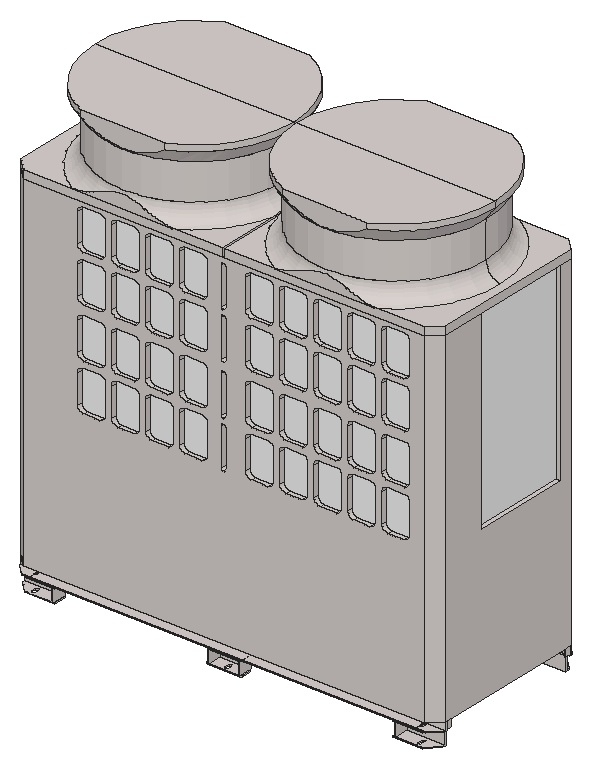
Revit family "PUHY-EM500YNW-A1", category 機械設備, Revit 2016
Family settings
  パーツ タイプ = 標準
  丸型コネクタ寸法 = 半径を使用
  OmniClass 番号 = 23.75.00.00
  OmniClass タイトル = Climate Control (HVAC)
  作業面に基づく = いいえ
  常に垂直 = はい
  ロード時にボイドで切り取り = いいえ
  共有 = いいえ
  部屋の計算ポイント = いいえ
Parameters (values of type "PUHY-EM500YNW-A1_380V_50Hz")
  Unit Weight (kg) = 338
  Temp. range of heating (Outdoor temp.) (W.B.) = "-20.0 to 15.5"
  Temp. range of heating (Indoor temp.) (D.B.) = "15.0 to 27.0"
  Temp. range of cooling (Outdoor temp.) (D.B.) = "-5.0 to 52.0"
  Temp. range of cooling (Indoor temp.) (W.B.) = "15.0 to 24.0"
  Sound Pressure Level (dB(A)) Heating mode = 66.5
  Sound Pressure Level (dB(A)) Cooling mode = 63.5
  モデル = "PUHY-EM500YNW-A1"
  Width = 1750.000 mm
  WarrantyStart = ""
  Voltage = 380 V
  URL = "http://www.mitsubishielectric.com/"
  製造元 = "Mitsubishi Electric Corporation"
  TagNumber = 0
  Subcategory = "HVAC"
  Space View = yes
  SerialNumber = 0
  ReplacementYear = ""
  Refrigerant type = "R32"
  Refrigerant Charge (kg) = 10.8
  Rated Load Ampacity (A) Heating mode = 28.2
  Rated Load Ampacity (A) Cooling mode = 28.8
  Protection Devices_Inverter circuit (COMP./FAN) = "Over-heat protection, Over-current protection"
  Protection Devices_High pressure (MPa) = "High pressure sensor, High pressure switch at 4.15"
  Phase = 3
  Outdoor unit Breaker size (A) = 60
  Note_1 = "Refrigerant pipe diameters may change depending on the installation condition. Please refer to the installation manual."
  Maximum Circuit Ampacity (A) = 44.4
  Liquid pipe_radius = 7.940 mm
  InstallationDate = ""
  Indoor Unit Total Capacity = "50 to 130% of outdoor unit capacity"
  Indoor Unit Model/Quantity = "W10 to W125/1 to 43"
  Hertz = 50 Hz
  Height = 1858.000 mm
  Heating Power Input (kW) = 16.75
  Heating Current (A) = 28.2
  Heating Capacity (kW) = 63
  Heating COP (kW/kW) = 3.76
  Gas pipe_radius = 14.290 mm
  Fan_Type = "Propeller Fan"
  Fan_Quantity = 2
  Fan Motor Output (kW) = 1.84
  External static pressure (Pa) = 0
  External Finish = "Pre-coated galvanized steel sheets (+powder coating for -BS type) <MUNSELL 5Y 8/1 or similar>"
  Equip_description = ""
  Equip_No. = 0
  Equip_ID = ""
  Description = ""
  Depth = 740.000 mm
  CreatedOn = ""
  CreatedBy = ""
  Cooling Power Input (kW) = 17.07
  Cooling EER (kW/kW) = 3.28
  Cooling Current (A) = 28.8
  Cooling Capacity (kW) = 56
  Compressor_Type = "Inverter scroll hermetic compressor"
  Compressor_Quantity = 1
  Compressor_Lubricant = "MEL46EH"
  Compressor Motor Output (kW) = "12.9"
  Category = ""
  Barcode = ""
  AssetIdentifier = ""
  Airflow Rate (m3/min) = 365
  Airflow Rate (m3/h) = 21900
Reference planes
  plane 1 "Center (Front/Back)": y = 0
  plane 2: z = 0
  plane 3 "Center (Left/Right)": x = 0
  plane 4 "panel_L": x = -875
  plane 5: y = 370
  plane 6 "front": y = -370
  plane 7: x = 875
  plane 8: x = -798
  plane 9: x = 798
  plane 10: x = 850
  plane 11: x = -190
  plane 12: x = -107
  plane 13: y = -185
  plane 14: z = 1858
Forms (mm)
  Extrusion 1, solid, material "Paint_5Y 8/1"
    sketch origin (0, 0, 113) x (-1, 0, 0) y (0, -1, 0)
      loop
        line (825, -370) -> (875, -320) -> (875, 320) -> (825, 370) -> (-825, 370) -> (-875, 320) -> (-875, -320) -> (-825, -370) -> (825, -370)
    from -18 to 1408
  Extrusion 2, void
    sketch origin (802, -370, 113) x (1, 0, 0) y (0, 0, -1)
      loop
        arc (-60.8, -1393.5) -> (-42.557, -1385.943) -> (-35, -1367.7) r 25.8
        line (-35, -1367.7) -> (-35, -1248.5)
        arc (-35, -1248.5) -> (-42.557, -1230.257) -> (-60.8, -1222.7) r 25.8
        line (-60.8, -1222.7) -> (-126, -1222.7)
        arc (-126, -1222.7) -> (-144.243, -1230.257) -> (-151.8, -1248.5) r 25.8
        line (-151.8, -1248.5) -> (-151.8, -1367.7)
        arc (-151.8, -1367.7) -> (-144.243, -1385.943) -> (-126, -1393.5) r 25.8
        line (-126, -1393.5) -> (-60.8, -1393.5)
    from 0 to 20
  Extrusion 3, void
    sketch origin (802, -370, -81) x (1, 0, 0) y (0, 0, -1)
      loop
        arc (-60.8, -1393.5) -> (-42.557, -1385.943) -> (-35, -1367.7) r 25.8
        line (-35, -1367.7) -> (-35, -1248.5)
        arc (-35, -1248.5) -> (-42.557, -1230.257) -> (-60.8, -1222.7) r 25.8
        line (-60.8, -1222.7) -> (-126, -1222.7)
        arc (-126, -1222.7) -> (-144.243, -1230.257) -> (-151.8, -1248.5) r 25.8
        line (-151.8, -1248.5) -> (-151.8, -1367.7)
        arc (-151.8, -1367.7) -> (-144.243, -1385.943) -> (-126, -1393.5) r 25.8
        line (-126, -1393.5) -> (-60.8, -1393.5)
    from 0 to 20
  Extrusion 4, void
    sketch origin (802, -370, -287) x (1, 0, 0) y (0, 0, -1)
      loop
        arc (-60.8, -1393.5) -> (-42.557, -1385.943) -> (-35, -1367.7) r 25.8
        line (-35, -1367.7) -> (-35, -1248.5)
        arc (-35, -1248.5) -> (-42.557, -1230.257) -> (-60.8, -1222.7) r 25.8
        line (-60.8, -1222.7) -> (-126, -1222.7)
        arc (-126, -1222.7) -> (-144.243, -1230.257) -> (-151.8, -1248.5) r 25.8
        line (-151.8, -1248.5) -> (-151.8, -1367.7)
        arc (-151.8, -1367.7) -> (-144.243, -1385.943) -> (-126, -1393.5) r 25.8
        line (-126, -1393.5) -> (-60.8, -1393.5)
    from 0 to 20
  Extrusion 5, void
    sketch origin (802, -370, -481) x (1, 0, 0) y (0, 0, -1)
      loop
        arc (-60.8, -1393.5) -> (-42.557, -1385.943) -> (-35, -1367.7) r 25.8
        line (-35, -1367.7) -> (-35, -1248.5)
        arc (-35, -1248.5) -> (-42.557, -1230.257) -> (-60.8, -1222.7) r 25.8
        line (-60.8, -1222.7) -> (-126, -1222.7)
        arc (-126, -1222.7) -> (-144.243, -1230.257) -> (-151.8, -1248.5) r 25.8
        line (-151.8, -1248.5) -> (-151.8, -1367.7)
        arc (-151.8, -1367.7) -> (-144.243, -1385.943) -> (-126, -1393.5) r 25.8
        line (-126, -1393.5) -> (-60.8, -1393.5)
    from 0 to 20
  Extrusion 6, void
    sketch origin (662, -370, 113) x (1, 0, 0) y (0, 0, -1)
      loop
        arc (-60.8, -1393.5) -> (-42.557, -1385.943) -> (-35, -1367.7) r 25.8
        line (-35, -1367.7) -> (-35, -1248.5)
        arc (-35, -1248.5) -> (-42.557, -1230.257) -> (-60.8, -1222.7) r 25.8
        line (-60.8, -1222.7) -> (-126, -1222.7)
        arc (-126, -1222.7) -> (-144.243, -1230.257) -> (-151.8, -1248.5) r 25.8
        line (-151.8, -1248.5) -> (-151.8, -1367.7)
        arc (-151.8, -1367.7) -> (-144.243, -1385.943) -> (-126, -1393.5) r 25.8
        line (-126, -1393.5) -> (-60.8, -1393.5)
    from 0 to 20
  Extrusion 7, void
    sketch origin (662, -370, -81) x (1, 0, 0) y (0, 0, -1)
      loop
        arc (-60.8, -1393.5) -> (-42.557, -1385.943) -> (-35, -1367.7) r 25.8
        line (-35, -1367.7) -> (-35, -1248.5)
        arc (-35, -1248.5) -> (-42.557, -1230.257) -> (-60.8, -1222.7) r 25.8
        line (-60.8, -1222.7) -> (-126, -1222.7)
        arc (-126, -1222.7) -> (-144.243, -1230.257) -> (-151.8, -1248.5) r 25.8
        line (-151.8, -1248.5) -> (-151.8, -1367.7)
        arc (-151.8, -1367.7) -> (-144.243, -1385.943) -> (-126, -1393.5) r 25.8
        line (-126, -1393.5) -> (-60.8, -1393.5)
    from 0 to 20
  Extrusion 8, void
    sketch origin (662, -370, -287) x (1, 0, 0) y (0, 0, -1)
      loop
        arc (-60.8, -1393.5) -> (-42.557, -1385.943) -> (-35, -1367.7) r 25.8
        line (-35, -1367.7) -> (-35, -1248.5)
        arc (-35, -1248.5) -> (-42.557, -1230.257) -> (-60.8, -1222.7) r 25.8
        line (-60.8, -1222.7) -> (-126, -1222.7)
        arc (-126, -1222.7) -> (-144.243, -1230.257) -> (-151.8, -1248.5) r 25.8
        line (-151.8, -1248.5) -> (-151.8, -1367.7)
        arc (-151.8, -1367.7) -> (-144.243, -1385.943) -> (-126, -1393.5) r 25.8
        line (-126, -1393.5) -> (-60.8, -1393.5)
    from 0 to 20
  Extrusion 9, void
    sketch origin (662, -370, -481) x (1, 0, 0) y (0, 0, -1)
      loop
        arc (-60.8, -1393.5) -> (-42.557, -1385.943) -> (-35, -1367.7) r 25.8
        line (-35, -1367.7) -> (-35, -1248.5)
        arc (-35, -1248.5) -> (-42.557, -1230.257) -> (-60.8, -1222.7) r 25.8
        line (-60.8, -1222.7) -> (-126, -1222.7)
        arc (-126, -1222.7) -> (-144.243, -1230.257) -> (-151.8, -1248.5) r 25.8
        line (-151.8, -1248.5) -> (-151.8, -1367.7)
        arc (-151.8, -1367.7) -> (-144.243, -1385.943) -> (-126, -1393.5) r 25.8
        line (-126, -1393.5) -> (-60.8, -1393.5)
    from 0 to 20
  Extrusion 10, void
    sketch origin (522, -370, 113) x (1, 0, 0) y (0, 0, -1)
      loop
        arc (-60.8, -1393.5) -> (-42.557, -1385.943) -> (-35, -1367.7) r 25.8
        line (-35, -1367.7) -> (-35, -1248.5)
        arc (-35, -1248.5) -> (-42.557, -1230.257) -> (-60.8, -1222.7) r 25.8
        line (-60.8, -1222.7) -> (-126, -1222.7)
        arc (-126, -1222.7) -> (-144.243, -1230.257) -> (-151.8, -1248.5) r 25.8
        line (-151.8, -1248.5) -> (-151.8, -1367.7)
        arc (-151.8, -1367.7) -> (-144.243, -1385.943) -> (-126, -1393.5) r 25.8
        line (-126, -1393.5) -> (-60.8, -1393.5)
    from 0 to 20
  Extrusion 11, void
    sketch origin (522, -370, -81) x (1, 0, 0) y (0, 0, -1)
      loop
        arc (-60.8, -1393.5) -> (-42.557, -1385.943) -> (-35, -1367.7) r 25.8
        line (-35, -1367.7) -> (-35, -1248.5)
        arc (-35, -1248.5) -> (-42.557, -1230.257) -> (-60.8, -1222.7) r 25.8
        line (-60.8, -1222.7) -> (-126, -1222.7)
        arc (-126, -1222.7) -> (-144.243, -1230.257) -> (-151.8, -1248.5) r 25.8
        line (-151.8, -1248.5) -> (-151.8, -1367.7)
        arc (-151.8, -1367.7) -> (-144.243, -1385.943) -> (-126, -1393.5) r 25.8
        line (-126, -1393.5) -> (-60.8, -1393.5)
    from 0 to 20
  Extrusion 12, void
    sketch origin (522, -370, -287) x (1, 0, 0) y (0, 0, -1)
      loop
        arc (-60.8, -1393.5) -> (-42.557, -1385.943) -> (-35, -1367.7) r 25.8
        line (-35, -1367.7) -> (-35, -1248.5)
        arc (-35, -1248.5) -> (-42.557, -1230.257) -> (-60.8, -1222.7) r 25.8
        line (-60.8, -1222.7) -> (-126, -1222.7)
        arc (-126, -1222.7) -> (-144.243, -1230.257) -> (-151.8, -1248.5) r 25.8
        line (-151.8, -1248.5) -> (-151.8, -1367.7)
        arc (-151.8, -1367.7) -> (-144.243, -1385.943) -> (-126, -1393.5) r 25.8
        line (-126, -1393.5) -> (-60.8, -1393.5)
    from 0 to 20
  Extrusion 13, void
    sketch origin (522, -370, -481) x (1, 0, 0) y (0, 0, -1)
      loop
        arc (-60.8, -1393.5) -> (-42.557, -1385.943) -> (-35, -1367.7) r 25.8
        line (-35, -1367.7) -> (-35, -1248.5)
        arc (-35, -1248.5) -> (-42.557, -1230.257) -> (-60.8, -1222.7) r 25.8
        line (-60.8, -1222.7) -> (-126, -1222.7)
        arc (-126, -1222.7) -> (-144.243, -1230.257) -> (-151.8, -1248.5) r 25.8
        line (-151.8, -1248.5) -> (-151.8, -1367.7)
        arc (-151.8, -1367.7) -> (-144.243, -1385.943) -> (-126, -1393.5) r 25.8
        line (-126, -1393.5) -> (-60.8, -1393.5)
    from 0 to 20
  Extrusion 14, void
    sketch origin (382, -370, 113) x (1, 0, 0) y (0, 0, -1)
      loop
        arc (-60.8, -1393.5) -> (-42.557, -1385.943) -> (-35, -1367.7) r 25.8
        line (-35, -1367.7) -> (-35, -1248.5)
        arc (-35, -1248.5) -> (-42.557, -1230.257) -> (-60.8, -1222.7) r 25.8
        line (-60.8, -1222.7) -> (-126, -1222.7)
        arc (-126, -1222.7) -> (-144.243, -1230.257) -> (-151.8, -1248.5) r 25.8
        line (-151.8, -1248.5) -> (-151.8, -1367.7)
        arc (-151.8, -1367.7) -> (-144.243, -1385.943) -> (-126, -1393.5) r 25.8
        line (-126, -1393.5) -> (-60.8, -1393.5)
    from 0 to 20
  Extrusion 15, void
    sketch origin (382, -370, -81) x (1, 0, 0) y (0, 0, -1)
      loop
        arc (-60.8, -1393.5) -> (-42.557, -1385.943) -> (-35, -1367.7) r 25.8
        line (-35, -1367.7) -> (-35, -1248.5)
        arc (-35, -1248.5) -> (-42.557, -1230.257) -> (-60.8, -1222.7) r 25.8
        line (-60.8, -1222.7) -> (-126, -1222.7)
        arc (-126, -1222.7) -> (-144.243, -1230.257) -> (-151.8, -1248.5) r 25.8
        line (-151.8, -1248.5) -> (-151.8, -1367.7)
        arc (-151.8, -1367.7) -> (-144.243, -1385.943) -> (-126, -1393.5) r 25.8
        line (-126, -1393.5) -> (-60.8, -1393.5)
    from 0 to 20
  Extrusion 16, void
    sketch origin (382, -370, -287) x (1, 0, 0) y (0, 0, -1)
      loop
        arc (-60.8, -1393.5) -> (-42.557, -1385.943) -> (-35, -1367.7) r 25.8
        line (-35, -1367.7) -> (-35, -1248.5)
        arc (-35, -1248.5) -> (-42.557, -1230.257) -> (-60.8, -1222.7) r 25.8
        line (-60.8, -1222.7) -> (-126, -1222.7)
        arc (-126, -1222.7) -> (-144.243, -1230.257) -> (-151.8, -1248.5) r 25.8
        line (-151.8, -1248.5) -> (-151.8, -1367.7)
        arc (-151.8, -1367.7) -> (-144.243, -1385.943) -> (-126, -1393.5) r 25.8
        line (-126, -1393.5) -> (-60.8, -1393.5)
    from 0 to 20
  Extrusion 17, void
    sketch origin (382, -370, -481) x (1, 0, 0) y (0, 0, -1)
      loop
        arc (-60.8, -1393.5) -> (-42.557, -1385.943) -> (-35, -1367.7) r 25.8
        line (-35, -1367.7) -> (-35, -1248.5)
        arc (-35, -1248.5) -> (-42.557, -1230.257) -> (-60.8, -1222.7) r 25.8
        line (-60.8, -1222.7) -> (-126, -1222.7)
        arc (-126, -1222.7) -> (-144.243, -1230.257) -> (-151.8, -1248.5) r 25.8
        line (-151.8, -1248.5) -> (-151.8, -1367.7)
        arc (-151.8, -1367.7) -> (-144.243, -1385.943) -> (-126, -1393.5) r 25.8
        line (-126, -1393.5) -> (-60.8, -1393.5)
    from 0 to 20
  Extrusion 18, void
    sketch origin (242, -370, 113) x (1, 0, 0) y (0, 0, -1)
      loop
        arc (-60.8, -1393.5) -> (-42.557, -1385.943) -> (-35, -1367.7) r 25.8
        line (-35, -1367.7) -> (-35, -1248.5)
        arc (-35, -1248.5) -> (-42.557, -1230.257) -> (-60.8, -1222.7) r 25.8
        line (-60.8, -1222.7) -> (-126, -1222.7)
        arc (-126, -1222.7) -> (-144.243, -1230.257) -> (-151.8, -1248.5) r 25.8
        line (-151.8, -1248.5) -> (-151.8, -1367.7)
        arc (-151.8, -1367.7) -> (-144.243, -1385.943) -> (-126, -1393.5) r 25.8
        line (-126, -1393.5) -> (-60.8, -1393.5)
    from 0 to 20
  Extrusion 19, void
    sketch origin (242, -370, -81) x (1, 0, 0) y (0, 0, -1)
      loop
        arc (-60.8, -1393.5) -> (-42.557, -1385.943) -> (-35, -1367.7) r 25.8
        line (-35, -1367.7) -> (-35, -1248.5)
        arc (-35, -1248.5) -> (-42.557, -1230.257) -> (-60.8, -1222.7) r 25.8
        line (-60.8, -1222.7) -> (-126, -1222.7)
        arc (-126, -1222.7) -> (-144.243, -1230.257) -> (-151.8, -1248.5) r 25.8
        line (-151.8, -1248.5) -> (-151.8, -1367.7)
        arc (-151.8, -1367.7) -> (-144.243, -1385.943) -> (-126, -1393.5) r 25.8
        line (-126, -1393.5) -> (-60.8, -1393.5)
    from 0 to 20
  Extrusion 20, void
    sketch origin (242, -370, -287) x (1, 0, 0) y (0, 0, -1)
      loop
        arc (-60.8, -1393.5) -> (-42.557, -1385.943) -> (-35, -1367.7) r 25.8
        line (-35, -1367.7) -> (-35, -1248.5)
        arc (-35, -1248.5) -> (-42.557, -1230.257) -> (-60.8, -1222.7) r 25.8
        line (-60.8, -1222.7) -> (-126, -1222.7)
        arc (-126, -1222.7) -> (-144.243, -1230.257) -> (-151.8, -1248.5) r 25.8
        line (-151.8, -1248.5) -> (-151.8, -1367.7)
        arc (-151.8, -1367.7) -> (-144.243, -1385.943) -> (-126, -1393.5) r 25.8
        line (-126, -1393.5) -> (-60.8, -1393.5)
    from 0 to 20
  Extrusion 21, void
    sketch origin (242, -370, -481) x (1, 0, 0) y (0, 0, -1)
      loop
        arc (-60.8, -1393.5) -> (-42.557, -1385.943) -> (-35, -1367.7) r 25.8
        line (-35, -1367.7) -> (-35, -1248.5)
        arc (-35, -1248.5) -> (-42.557, -1230.257) -> (-60.8, -1222.7) r 25.8
        line (-60.8, -1222.7) -> (-126, -1222.7)
        arc (-126, -1222.7) -> (-144.243, -1230.257) -> (-151.8, -1248.5) r 25.8
        line (-151.8, -1248.5) -> (-151.8, -1367.7)
        arc (-151.8, -1367.7) -> (-144.243, -1385.943) -> (-126, -1393.5) r 25.8
        line (-126, -1393.5) -> (-60.8, -1393.5)
    from 0 to 20
  Extrusion 22, void
    sketch origin (-30, -370, 113) x (1, 0, 0) y (0, 0, -1)
      loop
        arc (-60.8, -1393.5) -> (-42.557, -1385.943) -> (-35, -1367.7) r 25.8
        line (-35, -1367.7) -> (-35, -1248.5)
        arc (-35, -1248.5) -> (-42.557, -1230.257) -> (-60.8, -1222.7) r 25.8
        line (-60.8, -1222.7) -> (-126, -1222.7)
        arc (-126, -1222.7) -> (-144.243, -1230.257) -> (-151.8, -1248.5) r 25.8
        line (-151.8, -1248.5) -> (-151.8, -1367.7)
        arc (-151.8, -1367.7) -> (-144.243, -1385.943) -> (-126, -1393.5) r 25.8
        line (-126, -1393.5) -> (-60.8, -1393.5)
    from 0 to 20
  Extrusion 23, void
    sketch origin (-30, -370, -81) x (1, 0, 0) y (0, 0, -1)
      loop
        arc (-60.8, -1393.5) -> (-42.557, -1385.943) -> (-35, -1367.7) r 25.8
        line (-35, -1367.7) -> (-35, -1248.5)
        arc (-35, -1248.5) -> (-42.557, -1230.257) -> (-60.8, -1222.7) r 25.8
        line (-60.8, -1222.7) -> (-126, -1222.7)
        arc (-126, -1222.7) -> (-144.243, -1230.257) -> (-151.8, -1248.5) r 25.8
        line (-151.8, -1248.5) -> (-151.8, -1367.7)
        arc (-151.8, -1367.7) -> (-144.243, -1385.943) -> (-126, -1393.5) r 25.8
        line (-126, -1393.5) -> (-60.8, -1393.5)
    from 0 to 20
  Extrusion 24, void
    sketch origin (-30, -370, -287) x (1, 0, 0) y (0, 0, -1)
      loop
        arc (-60.8, -1393.5) -> (-42.557, -1385.943) -> (-35, -1367.7) r 25.8
        line (-35, -1367.7) -> (-35, -1248.5)
        arc (-35, -1248.5) -> (-42.557, -1230.257) -> (-60.8, -1222.7) r 25.8
        line (-60.8, -1222.7) -> (-126, -1222.7)
        arc (-126, -1222.7) -> (-144.243, -1230.257) -> (-151.8, -1248.5) r 25.8
        line (-151.8, -1248.5) -> (-151.8, -1367.7)
        arc (-151.8, -1367.7) -> (-144.243, -1385.943) -> (-126, -1393.5) r 25.8
        line (-126, -1393.5) -> (-60.8, -1393.5)
    from 0 to 20
  Extrusion 25, void
    sketch origin (-30, -370, -481) x (1, 0, 0) y (0, 0, -1)
      loop
        arc (-60.8, -1393.5) -> (-42.557, -1385.943) -> (-35, -1367.7) r 25.8
        line (-35, -1367.7) -> (-35, -1248.5)
        arc (-35, -1248.5) -> (-42.557, -1230.257) -> (-60.8, -1222.7) r 25.8
        line (-60.8, -1222.7) -> (-126, -1222.7)
        arc (-126, -1222.7) -> (-144.243, -1230.257) -> (-151.8, -1248.5) r 25.8
        line (-151.8, -1248.5) -> (-151.8, -1367.7)
        arc (-151.8, -1367.7) -> (-144.243, -1385.943) -> (-126, -1393.5) r 25.8
        line (-126, -1393.5) -> (-60.8, -1393.5)
    from 0 to 20
  Extrusion 26, void
    sketch origin (-170, -370, 113) x (1, 0, 0) y (0, 0, -1)
      loop
        arc (-60.8, -1393.5) -> (-42.557, -1385.943) -> (-35, -1367.7) r 25.8
        line (-35, -1367.7) -> (-35, -1248.5)
        arc (-35, -1248.5) -> (-42.557, -1230.257) -> (-60.8, -1222.7) r 25.8
        line (-60.8, -1222.7) -> (-126, -1222.7)
        arc (-126, -1222.7) -> (-144.243, -1230.257) -> (-151.8, -1248.5) r 25.8
        line (-151.8, -1248.5) -> (-151.8, -1367.7)
        arc (-151.8, -1367.7) -> (-144.243, -1385.943) -> (-126, -1393.5) r 25.8
        line (-126, -1393.5) -> (-60.8, -1393.5)
    from 0 to 20
  Extrusion 27, void
    sketch origin (-170, -370, -81) x (1, 0, 0) y (0, 0, -1)
      loop
        arc (-60.8, -1393.5) -> (-42.557, -1385.943) -> (-35, -1367.7) r 25.8
        line (-35, -1367.7) -> (-35, -1248.5)
        arc (-35, -1248.5) -> (-42.557, -1230.257) -> (-60.8, -1222.7) r 25.8
        line (-60.8, -1222.7) -> (-126, -1222.7)
        arc (-126, -1222.7) -> (-144.243, -1230.257) -> (-151.8, -1248.5) r 25.8
        line (-151.8, -1248.5) -> (-151.8, -1367.7)
        arc (-151.8, -1367.7) -> (-144.243, -1385.943) -> (-126, -1393.5) r 25.8
        line (-126, -1393.5) -> (-60.8, -1393.5)
    from 0 to 20
  Extrusion 28, void
    sketch origin (-170, -370, -287) x (1, 0, 0) y (0, 0, -1)
      loop
        arc (-60.8, -1393.5) -> (-42.557, -1385.943) -> (-35, -1367.7) r 25.8
        line (-35, -1367.7) -> (-35, -1248.5)
        arc (-35, -1248.5) -> (-42.557, -1230.257) -> (-60.8, -1222.7) r 25.8
        line (-60.8, -1222.7) -> (-126, -1222.7)
        arc (-126, -1222.7) -> (-144.243, -1230.257) -> (-151.8, -1248.5) r 25.8
        line (-151.8, -1248.5) -> (-151.8, -1367.7)
        arc (-151.8, -1367.7) -> (-144.243, -1385.943) -> (-126, -1393.5) r 25.8
        line (-126, -1393.5) -> (-60.8, -1393.5)
    from 0 to 20
  Extrusion 29, void
    sketch origin (-170, -370, -481) x (1, 0, 0) y (0, 0, -1)
      loop
        arc (-60.8, -1393.5) -> (-42.557, -1385.943) -> (-35, -1367.7) r 25.8
        line (-35, -1367.7) -> (-35, -1248.5)
        arc (-35, -1248.5) -> (-42.557, -1230.257) -> (-60.8, -1222.7) r 25.8
        line (-60.8, -1222.7) -> (-126, -1222.7)
        arc (-126, -1222.7) -> (-144.243, -1230.257) -> (-151.8, -1248.5) r 25.8
        line (-151.8, -1248.5) -> (-151.8, -1367.7)
        arc (-151.8, -1367.7) -> (-144.243, -1385.943) -> (-126, -1393.5) r 25.8
        line (-126, -1393.5) -> (-60.8, -1393.5)
    from 0 to 20
  Extrusion 30, void
    sketch origin (-310, -370, 113) x (1, 0, 0) y (0, 0, -1)
      loop
        arc (-60.8, -1393.5) -> (-42.557, -1385.943) -> (-35, -1367.7) r 25.8
        line (-35, -1367.7) -> (-35, -1248.5)
        arc (-35, -1248.5) -> (-42.557, -1230.257) -> (-60.8, -1222.7) r 25.8
        line (-60.8, -1222.7) -> (-126, -1222.7)
        arc (-126, -1222.7) -> (-144.243, -1230.257) -> (-151.8, -1248.5) r 25.8
        line (-151.8, -1248.5) -> (-151.8, -1367.7)
        arc (-151.8, -1367.7) -> (-144.243, -1385.943) -> (-126, -1393.5) r 25.8
        line (-126, -1393.5) -> (-60.8, -1393.5)
    from 0 to 20
  Extrusion 31, void
    sketch origin (-310, -370, -81) x (1, 0, 0) y (0, 0, -1)
      loop
        arc (-60.8, -1393.5) -> (-42.557, -1385.943) -> (-35, -1367.7) r 25.8
        line (-35, -1367.7) -> (-35, -1248.5)
        arc (-35, -1248.5) -> (-42.557, -1230.257) -> (-60.8, -1222.7) r 25.8
        line (-60.8, -1222.7) -> (-126, -1222.7)
        arc (-126, -1222.7) -> (-144.243, -1230.257) -> (-151.8, -1248.5) r 25.8
        line (-151.8, -1248.5) -> (-151.8, -1367.7)
        arc (-151.8, -1367.7) -> (-144.243, -1385.943) -> (-126, -1393.5) r 25.8
        line (-126, -1393.5) -> (-60.8, -1393.5)
    from 0 to 20
  Extrusion 32, void
    sketch origin (-310, -370, -287) x (1, 0, 0) y (0, 0, -1)
      loop
        arc (-60.8, -1393.5) -> (-42.557, -1385.943) -> (-35, -1367.7) r 25.8
        line (-35, -1367.7) -> (-35, -1248.5)
        arc (-35, -1248.5) -> (-42.557, -1230.257) -> (-60.8, -1222.7) r 25.8
        line (-60.8, -1222.7) -> (-126, -1222.7)
        arc (-126, -1222.7) -> (-144.243, -1230.257) -> (-151.8, -1248.5) r 25.8
        line (-151.8, -1248.5) -> (-151.8, -1367.7)
        arc (-151.8, -1367.7) -> (-144.243, -1385.943) -> (-126, -1393.5) r 25.8
        line (-126, -1393.5) -> (-60.8, -1393.5)
    from 0 to 20
  Extrusion 33, void
    sketch origin (-310, -370, -481) x (1, 0, 0) y (0, 0, -1)
      loop
        arc (-60.8, -1393.5) -> (-42.557, -1385.943) -> (-35, -1367.7) r 25.8
        line (-35, -1367.7) -> (-35, -1248.5)
        arc (-35, -1248.5) -> (-42.557, -1230.257) -> (-60.8, -1222.7) r 25.8
        line (-60.8, -1222.7) -> (-126, -1222.7)
        arc (-126, -1222.7) -> (-144.243, -1230.257) -> (-151.8, -1248.5) r 25.8
        line (-151.8, -1248.5) -> (-151.8, -1367.7)
        arc (-151.8, -1367.7) -> (-144.243, -1385.943) -> (-126, -1393.5) r 25.8
        line (-126, -1393.5) -> (-60.8, -1393.5)
    from 0 to 20
  Extrusion 34, void
    sketch origin (-450, -370, 113) x (1, 0, 0) y (0, 0, -1)
      loop
        arc (-60.8, -1393.5) -> (-42.557, -1385.943) -> (-35, -1367.7) r 25.8
        line (-35, -1367.7) -> (-35, -1248.5)
        arc (-35, -1248.5) -> (-42.557, -1230.257) -> (-60.8, -1222.7) r 25.8
        line (-60.8, -1222.7) -> (-126, -1222.7)
        arc (-126, -1222.7) -> (-144.243, -1230.257) -> (-151.8, -1248.5) r 25.8
        line (-151.8, -1248.5) -> (-151.8, -1367.7)
        arc (-151.8, -1367.7) -> (-144.243, -1385.943) -> (-126, -1393.5) r 25.8
        line (-126, -1393.5) -> (-60.8, -1393.5)
    from 0 to 20
  Extrusion 35, void
    sketch origin (-450, -370, -81) x (1, 0, 0) y (0, 0, -1)
      loop
        arc (-60.8, -1393.5) -> (-42.557, -1385.943) -> (-35, -1367.7) r 25.8
        line (-35, -1367.7) -> (-35, -1248.5)
        arc (-35, -1248.5) -> (-42.557, -1230.257) -> (-60.8, -1222.7) r 25.8
        line (-60.8, -1222.7) -> (-126, -1222.7)
        arc (-126, -1222.7) -> (-144.243, -1230.257) -> (-151.8, -1248.5) r 25.8
        line (-151.8, -1248.5) -> (-151.8, -1367.7)
        arc (-151.8, -1367.7) -> (-144.243, -1385.943) -> (-126, -1393.5) r 25.8
        line (-126, -1393.5) -> (-60.8, -1393.5)
    from 0 to 20
  Extrusion 36, void
    sketch origin (-450, -370, -287) x (1, 0, 0) y (0, 0, -1)
      loop
        arc (-60.8, -1393.5) -> (-42.557, -1385.943) -> (-35, -1367.7) r 25.8
        line (-35, -1367.7) -> (-35, -1248.5)
        arc (-35, -1248.5) -> (-42.557, -1230.257) -> (-60.8, -1222.7) r 25.8
        line (-60.8, -1222.7) -> (-126, -1222.7)
        arc (-126, -1222.7) -> (-144.243, -1230.257) -> (-151.8, -1248.5) r 25.8
        line (-151.8, -1248.5) -> (-151.8, -1367.7)
        arc (-151.8, -1367.7) -> (-144.243, -1385.943) -> (-126, -1393.5) r 25.8
        line (-126, -1393.5) -> (-60.8, -1393.5)
    from 0 to 20
  Extrusion 37, void
    sketch origin (-450, -370, -481) x (1, 0, 0) y (0, 0, -1)
      loop
        arc (-60.8, -1393.5) -> (-42.557, -1385.943) -> (-35, -1367.7) r 25.8
        line (-35, -1367.7) -> (-35, -1248.5)
        arc (-35, -1248.5) -> (-42.557, -1230.257) -> (-60.8, -1222.7) r 25.8
        line (-60.8, -1222.7) -> (-126, -1222.7)
        arc (-126, -1222.7) -> (-144.243, -1230.257) -> (-151.8, -1248.5) r 25.8
        line (-151.8, -1248.5) -> (-151.8, -1367.7)
        arc (-151.8, -1367.7) -> (-144.243, -1385.943) -> (-126, -1393.5) r 25.8
        line (-126, -1393.5) -> (-60.8, -1393.5)
    from 0 to 20
  Extrusion 38, void
    sketch origin (825, -370, 113) x (1, 0, 0) y (0, 0, -1)
      loop
        line (-834.892, -1225.013) -> (-834.892, -1379.987)
        arc (-834.892, -1379.987) -> (-824.892, -1389.987) -> (-814.892, -1379.987) r 10
        line (-814.892, -1379.987) -> (-814.892, -1225.013)
        arc (-814.892, -1225.013) -> (-824.892, -1215.013) -> (-834.892, -1225.013) r 10
      loop
        line (-834.892, -1031.013) -> (-834.892, -1185.987)
        arc (-834.892, -1185.987) -> (-824.892, -1195.987) -> (-814.892, -1185.987) r 10
        line (-814.892, -1185.987) -> (-814.892, -1031.013)
        arc (-814.892, -1031.013) -> (-824.892, -1021.013) -> (-834.892, -1031.013) r 10
      loop
        line (-834.892, -825.013) -> (-834.892, -979.987)
        arc (-834.892, -979.987) -> (-824.892, -989.987) -> (-814.892, -979.987) r 10
        line (-814.892, -979.987) -> (-814.892, -825.013)
        arc (-814.892, -825.013) -> (-824.892, -815.013) -> (-834.892, -825.013) r 10
      loop
        line (-834.892, -631.013) -> (-834.892, -785.987)
        arc (-834.892, -785.987) -> (-824.892, -795.987) -> (-814.892, -785.987) r 10
        line (-814.892, -785.987) -> (-814.892, -631.013)
        arc (-814.892, -631.013) -> (-824.892, -621.013) -> (-834.892, -631.013) r 10
    from 0 to 20
  Extrusion 39, void
    sketch origin (875, 320, 113) x (0, 1, 0) y (0, 0, -1)
      loop
        line (-462.3, -1408) -> (-50.8, -1408) -> (-50.8, -612) -> (-462.3, -612) -> (-462.3, -1408)
    from 0 to 20
  Extrusion 40, void
    sketch origin (-875, -320, 113) x (0, -1, 0) y (0, 0, -1)
      loop
        line (-535.7, -1408) -> (-207.7, -1408) -> (-207.7, -592) -> (-535.7, -592) -> (-535.7, -1408)
    from 0 to 20
  Extrusion 41, void
    sketch origin (195, 370, 113) x (-1, 0, 0) y (0, 0, -1)
      loop
        arc (204.892, -1225.013) -> (194.892, -1215.013) -> (184.892, -1225.013) r 10
        line (184.892, -1225.013) -> (184.892, -1379.987)
        arc (184.892, -1379.987) -> (194.892, -1389.987) -> (204.892, -1379.987) r 10
        line (204.892, -1379.987) -> (204.892, -1225.013)
      loop
        arc (204.892, -1031.013) -> (194.892, -1021.013) -> (184.892, -1031.013) r 10
        line (184.892, -1031.013) -> (184.892, -1185.987)
        arc (184.892, -1185.987) -> (194.892, -1195.987) -> (204.892, -1185.987) r 10
        line (204.892, -1185.987) -> (204.892, -1031.013)
      loop
        arc (204.892, -825.013) -> (194.892, -815.013) -> (184.892, -825.013) r 10
        line (184.892, -825.013) -> (184.892, -979.987)
        arc (184.892, -979.987) -> (194.892, -989.987) -> (204.892, -979.987) r 10
        line (204.892, -979.987) -> (204.892, -825.013)
      loop
        arc (204.892, -631.013) -> (194.892, -621.013) -> (184.892, -631.013) r 10
        line (184.892, -631.013) -> (184.892, -785.987)
        arc (184.892, -785.987) -> (194.892, -795.987) -> (204.892, -785.987) r 10
        line (204.892, -785.987) -> (204.892, -631.013)
    from 0 to 20
  Extrusion 42, void
    sketch origin (-825, 370, 113) x (-1, 0, 0) y (0, 0, -1)
      loop
        line (-1603, -1408) -> (-875, -1408) -> (-875, -556) -> (-1603, -556) -> (-1603, -1408)
      loop
        line (-775, -1408) -> (-47, -1408) -> (-47, -556) -> (-775, -556) -> (-775, -1408)
    from 0 to 20
  Extrusion 43, void
    sketch origin (825, 370, 96) x (-0.707107, 0.707107, 0) y (0, 0, -1)
      loop
        line (-45.509, -1236) -> (-45.509, -1386)
        arc (-45.509, -1386) -> (-35.509, -1396) -> (-25.509, -1386) r 10
        line (-25.509, -1386) -> (-25.509, -1236)
        arc (-25.509, -1236) -> (-35.509, -1226) -> (-45.509, -1236) r 10
      loop
        line (-45.509, -1036) -> (-45.509, -1186)
        arc (-45.509, -1186) -> (-35.509, -1196) -> (-25.509, -1186) r 10
        line (-25.509, -1186) -> (-25.509, -1036)
        arc (-25.509, -1036) -> (-35.509, -1026) -> (-45.509, -1036) r 10
      loop
        line (-45.509, -836) -> (-45.509, -986)
        arc (-45.509, -986) -> (-35.509, -996) -> (-25.509, -986) r 10
        line (-25.509, -986) -> (-25.509, -836)
        arc (-25.509, -836) -> (-35.509, -826) -> (-45.509, -836) r 10
      loop
        line (-45.509, -643.5) -> (-45.509, -793.5)
        arc (-45.509, -793.5) -> (-35.509, -803.5) -> (-25.509, -793.5) r 10
        line (-25.509, -793.5) -> (-25.509, -643.5)
        arc (-25.509, -643.5) -> (-35.509, -633.5) -> (-45.509, -643.5) r 10
    from 0 to 20
  Extrusion 44, void
    sketch origin (-825, 370, 113) x (0.707107, 0.707107, 0) y (0, 0, 1)
      loop
        arc (-45.355, 1236) -> (-35.355, 1226) -> (-25.355, 1236) r 10
        line (-25.355, 1236) -> (-25.355, 1386)
        arc (-25.355, 1386) -> (-35.355, 1396) -> (-45.355, 1386) r 10
        line (-45.355, 1386) -> (-45.355, 1236)
      loop
        arc (-45.355, 1036) -> (-35.355, 1026) -> (-25.355, 1036) r 10
        line (-25.355, 1036) -> (-25.355, 1186)
        arc (-25.355, 1186) -> (-35.355, 1196) -> (-45.355, 1186) r 10
        line (-45.355, 1186) -> (-45.355, 1036)
      loop
        arc (-45.355, 836) -> (-35.355, 826) -> (-25.355, 836) r 10
        line (-25.355, 836) -> (-25.355, 986)
        arc (-25.355, 986) -> (-35.355, 996) -> (-45.355, 986) r 10
        line (-45.355, 986) -> (-45.355, 836)
      loop
        arc (-45.355, 641) -> (-35.355, 631) -> (-25.355, 641) r 10
        line (-25.355, 641) -> (-25.355, 791)
        arc (-25.355, 791) -> (-35.355, 801) -> (-45.355, 791) r 10
        line (-45.355, 791) -> (-45.355, 641)
    from 0 to 20
  Extrusion 45, void
    sketch origin (-875, -320, 113) x (0, -1, 0) y (0, 0, -1)
      loop
        line (-607.846, -1035.895) -> (-607.846, -1186.105)
        arc (-607.846, -1186.105) -> (-597.846, -1196.105) -> (-587.846, -1186.105) r 10
        line (-587.846, -1186.105) -> (-587.846, -1035.895)
        arc (-587.846, -1035.895) -> (-597.846, -1025.895) -> (-607.846, -1035.895) r 10
      loop
        line (-607.846, -835.895) -> (-607.846, -986.105)
        arc (-607.846, -986.105) -> (-597.846, -996.105) -> (-587.846, -986.105) r 10
        line (-587.846, -986.105) -> (-587.846, -835.895)
        arc (-587.846, -835.895) -> (-597.846, -825.895) -> (-607.846, -835.895) r 10
      loop
        line (-607.846, -1235.895) -> (-607.846, -1386.105)
        arc (-607.846, -1386.105) -> (-597.846, -1396.105) -> (-587.846, -1386.105) r 10
        line (-587.846, -1386.105) -> (-587.846, -1235.895)
        arc (-587.846, -1235.895) -> (-597.846, -1225.895) -> (-607.846, -1235.895) r 10
      loop
        line (-607.846, -635.895) -> (-607.846, -786.105)
        arc (-607.846, -786.105) -> (-597.846, -796.105) -> (-587.846, -786.105) r 10
        line (-587.846, -786.105) -> (-587.846, -635.895)
        arc (-587.846, -635.895) -> (-597.846, -625.895) -> (-607.846, -635.895) r 10
    from 0 to 20
  Extrusion 46, void
    sketch origin (-825, -185, 1200) x (1, 0, 0) y (0, 0, 1)
      loop
        circle (635, -1024) r 7.94
    from 0 to -108.2
  Extrusion 47, void
    sketch origin (-825, -185, 1200) x (1, 0, 0) y (0, 0, 1)
      loop
        circle (718, -1013) r 14.29
    from 0 to -108.2
Cuts and joins
  Extrusion 2, Extrusion 3, Extrusion 4, Extrusion 5, Extrusion 6, Extrusion 7, Extrusion 8, Extrusion 9, Extrusion 10, Extrusion 11, Extrusion 12, Extrusion 13, Extrusion 14, Extrusion 15, Extrusion 16, Extrusion 17, Extrusion 18, Extrusion 19, Extrusion 20, Extrusion 21, Extrusion 22, Extrusion 23, Extrusion 24, Extrusion 25, Extrusion 26, Extrusion 27, Extrusion 28, Extrusion 29, Extrusion 30, Extrusion 31, Extrusion 32, Extrusion 33, Extrusion 34, Extrusion 35, Extrusion 36, Extrusion 37, Extrusion 38, Extrusion 39, Extrusion 40, Extrusion 41, Extrusion 42, Extrusion 43, Extrusion 44, Extrusion 45, Extrusion 46, Extrusion 47 cuts Extrusion 1
Lines and regions (mm)
  model lines
    curve 1: line (-805, -370, 716) -> (-30, -370, 716)
    curve 2: line (-805, -370, 1521) -> (-805, -370, 95)
    curve 3: line (802, -370, 1521) -> (802, -370, 95)
    curve 4: line (-81, -291, 95) -> (-211, -291, 95)
    curve 5: line (-72, -206, 95) -> (-72, -282, 95)
    curve 6: line (-211, -197, 95) -> (-81, -197, 95)
    curve 7: line (-222, -280, 95) -> (-222, -208, 95)
    curve 8: arc (-222, -280, 95) -> (-218.778, -287.778, 95) -> (-211, -291, 95) r 11
    curve 9: arc (-81, -291, 95) -> (-74.636, -288.364, 95) -> (-72, -282, 95) r 9
    curve 10: arc (-72, -206, 95) -> (-74.636, -199.636, 95) -> (-81, -197, 95) r 9
    curve 11: arc (-211, -197, 95) -> (-218.778, -200.222, 95) -> (-222, -208, 95) r 11
    curve 12: line (-30, -370, 1521) -> (-30, -370, 95)
    curve 13: line (30, -370, 1521) -> (30, -370, 95)
    curve 14: line (30, -370, 716) -> (802, -370, 716)
    curve 15: line (-215, -370, 215) -> (-87, -370, 215)
    curve 16: line (-225, -370, 141) -> (-225, -370, 205)
    curve 17: line (-87, -370, 131) -> (-215, -370, 131)
    curve 18: line (-77, -370, 205) -> (-77, -370, 141)
    curve 19: arc (-215, -370, 215) -> (-222.071, -370, 212.071) -> (-225, -370, 205) r 10
    curve 20: arc (-225, -370, 141) -> (-222.071, -370, 133.929) -> (-215, -370, 131) r 10
    curve 21: arc (-87, -370, 131) -> (-79.929, -370, 133.929) -> (-77, -370, 141) r 10
    curve 22: arc (-77, -370, 205) -> (-79.929, -370, 212.071) -> (-87, -370, 215) r 10
    curve 23: circle (743, -370, 170) r 32.5 normal (0, -1, 0)
    curve 24: circle (743, -370, 170) r 20 normal (0, -1, 0)
    curve 25: circle (619, -370, 150) r 17 normal (0, -1, 0)
    curve 26: circle (668, -370, 185) r 26 normal (0, -1, 0)
    curve 27: circle (668, -370, 185) r 13.5 normal (0, -1, 0)
    curve 28: line (-243, -370, 235) -> (-243, -370, 95)
    curve 29: line (-30, -370, 245) -> (-233, -370, 245)
    curve 30: line (602, -370, 245) -> (802, -370, 245)
    curve 31: line (592, -370, 95) -> (592, -370, 235)
    curve 32: arc (602, -370, 245) -> (594.929, -370, 242.071) -> (592, -370, 235) r 10
    curve 33: line (-659, -370, 1521) -> (-659, -370, 716)
    curve 34: circle (723, -185, 95) r 26 normal (0, 0, 1)
    curve 35: circle (703, -260, 95) r 32.5 normal (0, 0, 1)
    curve 36: circle (659, -204, 95) r 17 normal (0, 0, 1)
    curve 37: line (875, -162.3, 1521) -> (875, -162.3, 95)
    curve 38: line (875, 289.2, 1521) -> (875, 289.2, 95)
    curve 39: line (875, -162.3, 705) -> (875, 289.2, 705)
    curve 40: line (875, -162.3, 725) -> (875, 289.2, 725)
    curve 41: line (875, -76.8, 583) -> (875, 203.2, 583)
    curve 42: line (875, 203.2, 563) -> (875, -76.8, 563)
    curve 43: arc (875, -76.8, 583) -> (875, -83.871, 580.071) -> (875, -86.8, 573) r 10
    curve 44: arc (875, -76.8, 563) -> (875, -83.871, 565.929) -> (875, -86.8, 573) r 10
    curve 45: arc (875, 203.2, 583) -> (875, 210.271, 580.071) -> (875, 213.2, 573) r 10
    curve 46: arc (875, 203.2, 563) -> (875, 210.271, 565.929) -> (875, 213.2, 573) r 10
    curve 47: line (875, -76.8, 478) -> (875, 203.2, 478)
    curve 48: line (875, 203.2, 458) -> (875, -76.8, 458)
    curve 49: arc (875, -76.8, 478) -> (875, -83.871, 475.071) -> (875, -86.8, 468) r 10
    curve 50: arc (875, -76.8, 458) -> (875, -83.871, 460.929) -> (875, -86.8, 468) r 10
    curve 51: arc (875, 203.2, 478) -> (875, 210.271, 475.071) -> (875, 213.2, 468) r 10
    curve 52: arc (875, 203.2, 458) -> (875, 210.271, 460.929) -> (875, 213.2, 468) r 10
    curve 53: line (875, -76.8, 373) -> (875, 203.2, 373)
    curve 54: line (875, 203.2, 353) -> (875, -76.8, 353)
    curve 55: arc (875, -76.8, 373) -> (875, -83.871, 370.071) -> (875, -86.8, 363) r 10
    curve 56: arc (875, -76.8, 353) -> (875, -83.871, 355.929) -> (875, -86.8, 363) r 10
    curve 57: arc (875, 203.2, 373) -> (875, 210.271, 370.071) -> (875, 213.2, 363) r 10
    curve 58: arc (875, 203.2, 353) -> (875, 210.271, 355.929) -> (875, 213.2, 363) r 10
    curve 59: line (875, -76.8, 268) -> (875, 203.2, 268)
    curve 60: line (875, 203.2, 248) -> (875, -76.8, 248)
    curve 61: arc (875, -76.8, 268) -> (875, -83.871, 265.071) -> (875, -86.8, 258) r 10
    curve 62: arc (875, -76.8, 248) -> (875, -83.871, 250.929) -> (875, -86.8, 258) r 10
    curve 63: arc (875, 203.2, 268) -> (875, 210.271, 265.071) -> (875, 213.2, 258) r 10
    curve 64: arc (875, 203.2, 248) -> (875, 210.271, 250.929) -> (875, 213.2, 258) r 10
    curve 65: line (-875, -162.3, 1521) -> (-875, -162.3, 95)
    curve 66: line (-875, 235.7, 1521) -> (-875, 235.7, 95)
    curve 67: line (-875, -112.3, 1521) -> (-875, -112.3, 705)
    curve 68: line (-875, 215.7, 1521) -> (-875, 215.7, 705)
    curve 69: line (-875, 235.7, 705) -> (-875, -162.3, 705)
    curve 70: line (-875, 176.7, 268) -> (-875, -103.3, 268)
    curve 71: line (-875, -103.3, 248) -> (-875, 176.7, 248)
    curve 72: arc (-875, 186.7, 258) -> (-875, 183.771, 265.071) -> (-875, 176.7, 268) r 10
    curve 73: arc (-875, 176.7, 248) -> (-875, 183.771, 250.929) -> (-875, 186.7, 258) r 10
    curve 74: arc (-875, -103.3, 268) -> (-875, -110.371, 265.071) -> (-875, -113.3, 258) r 10
    curve 75: arc (-875, -113.3, 258) -> (-875, -110.371, 250.929) -> (-875, -103.3, 248) r 10
    curve 76: line (-875, 176.7, 373) -> (-875, -103.3, 373)
    curve 77: line (-875, -103.3, 353) -> (-875, 176.7, 353)
    curve 78: arc (-875, 186.7, 363) -> (-875, 183.771, 370.071) -> (-875, 176.7, 373) r 10
    curve 79: arc (-875, 176.7, 353) -> (-875, 183.771, 355.929) -> (-875, 186.7, 363) r 10
    curve 80: arc (-875, -103.3, 373) -> (-875, -110.371, 370.071) -> (-875, -113.3, 363) r 10
    curve 81: arc (-875, -113.3, 363) -> (-875, -110.371, 355.929) -> (-875, -103.3, 353) r 10
    curve 82: line (-875, 176.7, 478) -> (-875, -103.3, 478)
    curve 83: line (-875, -103.3, 458) -> (-875, 176.7, 458)
    curve 84: arc (-875, 186.7, 468) -> (-875, 183.771, 475.071) -> (-875, 176.7, 478) r 10
    curve 85: arc (-875, 176.7, 458) -> (-875, 183.771, 460.929) -> (-875, 186.7, 468) r 10
    curve 86: arc (-875, -103.3, 478) -> (-875, -110.371, 475.071) -> (-875, -113.3, 468) r 10
    curve 87: arc (-875, -113.3, 468) -> (-875, -110.371, 460.929) -> (-875, -103.3, 458) r 10
    curve 88: line (-875, 176.7, 583) -> (-875, -103.3, 583)
    curve 89: line (-875, -103.3, 563) -> (-875, 176.7, 563)
    curve 90: arc (-875, 186.7, 573) -> (-875, 183.771, 580.071) -> (-875, 176.7, 583) r 10
    curve 91: arc (-875, 176.7, 563) -> (-875, 183.771, 565.929) -> (-875, 186.7, 573) r 10
    curve 92: arc (-875, -103.3, 583) -> (-875, -110.371, 580.071) -> (-875, -113.3, 573) r 10
    curve 93: arc (-875, -113.3, 573) -> (-875, -110.371, 565.929) -> (-875, -103.3, 563) r 10
    curve 94: line (-30, 370, 1521) -> (-30, 370, 95)
    curve 95: line (30, 370, 95) -> (30, 370, 1521)
    curve 96: line (-798, 370, 1521) -> (-798, 370, 95)
    curve 97: line (798, 370, 1521) -> (798, 370, 95)
    curve 98: line (798, 370, 649) -> (30, 370, 649)
    curve 99: line (-30, 370, 649) -> (-798, 370, 649)
    curve 100: line (637, 370, 269) -> (192, 370, 269)
    curve 101: line (192, 370, 249) -> (637, 370, 249)
    curve 102: arc (192, 370, 269) -> (184.929, 370, 266.071) -> (182, 370, 259) r 10
    curve 103: arc (182, 370, 259) -> (184.929, 370, 251.929) -> (192, 370, 249) r 10
    curve 104: line (637, 370, 374) -> (192, 370, 374)
    curve 105: line (192, 370, 354) -> (637, 370, 354)
    curve 106: arc (647, 370, 364) -> (644.071, 370, 371.071) -> (637, 370, 374) r 10
    curve 107: arc (637, 370, 354) -> (644.071, 370, 356.929) -> (647, 370, 364) r 10
    curve 108: arc (192, 370, 374) -> (184.929, 370, 371.071) -> (182, 370, 364) r 10
    curve 109: arc (182, 370, 364) -> (184.929, 370, 356.929) -> (192, 370, 354) r 10
    curve 110: line (637, 370, 479) -> (192, 370, 479)
    curve 111: line (192, 370, 459) -> (637, 370, 459)
    curve 112: arc (647, 370, 469) -> (644.071, 370, 476.071) -> (637, 370, 479) r 10
    curve 113: arc (637, 370, 459) -> (644.071, 370, 461.929) -> (647, 370, 469) r 10
    curve 114: arc (192, 370, 479) -> (184.929, 370, 476.071) -> (182, 370, 469) r 10
    curve 115: arc (182, 370, 469) -> (184.929, 370, 461.929) -> (192, 370, 459) r 10
    curve 116: line (637, 370, 584) -> (192, 370, 584)
    curve 117: line (192, 370, 564) -> (637, 370, 564)
    curve 118: arc (647, 370, 574) -> (644.071, 370, 581.071) -> (637, 370, 584) r 10
    curve 119: arc (637, 370, 564) -> (644.071, 370, 566.929) -> (647, 370, 574) r 10
    curve 120: arc (192, 370, 584) -> (184.929, 370, 581.071) -> (182, 370, 574) r 10
    curve 121: arc (182, 370, 574) -> (184.929, 370, 566.929) -> (192, 370, 564) r 10
    curve 122: line (-191, 370, 269) -> (-636, 370, 269)
    curve 123: line (-636, 370, 249) -> (-191, 370, 249)
    curve 124: arc (-181, 370, 259) -> (-183.929, 370, 266.071) -> (-191, 370, 269) r 10
    curve 125: arc (-191, 370, 249) -> (-183.929, 370, 251.929) -> (-181, 370, 259) r 10
    curve 126: arc (-636, 370, 269) -> (-643.071, 370, 266.071) -> (-646, 370, 259) r 10
    curve 127: arc (-646, 370, 259) -> (-643.071, 370, 251.929) -> (-636, 370, 249) r 10
    curve 128: line (-191, 370, 374) -> (-636, 370, 374)
    curve 129: line (-636, 370, 354) -> (-191, 370, 354)
    curve 130: arc (-181, 370, 364) -> (-183.929, 370, 371.071) -> (-191, 370, 374) r 10
    curve 131: arc (-191, 370, 354) -> (-183.929, 370, 356.929) -> (-181, 370, 364) r 10
    curve 132: arc (-636, 370, 374) -> (-643.071, 370, 371.071) -> (-646, 370, 364) r 10
    curve 133: arc (-646, 370, 364) -> (-643.071, 370, 356.929) -> (-636, 370, 354) r 10
    curve 134: line (-191, 370, 479) -> (-636, 370, 479)
    curve 135: line (-636, 370, 459) -> (-191, 370, 459)
    curve 136: arc (-181, 370, 469) -> (-183.929, 370, 476.071) -> (-191, 370, 479) r 10
    curve 137: arc (-191, 370, 459) -> (-183.929, 370, 461.929) -> (-181, 370, 469) r 10
    curve 138: arc (-636, 370, 479) -> (-643.071, 370, 476.071) -> (-646, 370, 469) r 10
    curve 139: arc (-646, 370, 469) -> (-643.071, 370, 461.929) -> (-636, 370, 459) r 10
    curve 140: line (-191, 370, 584) -> (-636, 370, 584)
    curve 141: line (-636, 370, 564) -> (-191, 370, 564)
    curve 142: arc (-181, 370, 574) -> (-183.929, 370, 581.071) -> (-191, 370, 584) r 10
    curve 143: arc (-191, 370, 564) -> (-183.929, 370, 566.929) -> (-181, 370, 574) r 10
    curve 144: arc (-636, 370, 584) -> (-643.071, 370, 581.071) -> (-646, 370, 574) r 10
    curve 145: arc (-646, 370, 574) -> (-643.071, 370, 566.929) -> (-636, 370, 564) r 10
    curve 155: arc (192, -370, 269) -> (184.929, -370, 266.071) -> (182, -370, 259) r 10
    curve 156: arc (182, -370, 259) -> (184.929, -370, 251.929) -> (192, -370, 249) r 10
    curve 157: line (637, -370, 374) -> (192, -370, 374)
    curve 158: line (192, -370, 354) -> (637, -370, 354)
    curve 159: arc (647, -370, 364) -> (644.071, -370, 371.071) -> (637, -370, 374) r 10
    curve 160: arc (637, -370, 354) -> (644.071, -370, 356.929) -> (647, -370, 364) r 10
    curve 161: arc (192, -370, 374) -> (184.929, -370, 371.071) -> (182, -370, 364) r 10
    curve 162: arc (182, -370, 364) -> (184.929, -370, 356.929) -> (192, -370, 354) r 10
    curve 163: line (637, -370, 479) -> (192, -370, 479)
    curve 164: line (192, -370, 459) -> (637, -370, 459)
    curve 165: arc (647, -370, 469) -> (644.071, -370, 476.071) -> (637, -370, 479) r 10
    curve 166: arc (637, -370, 459) -> (644.071, -370, 461.929) -> (647, -370, 469) r 10
    curve 167: arc (192, -370, 479) -> (184.929, -370, 476.071) -> (182, -370, 469) r 10
    curve 168: arc (182, -370, 469) -> (184.929, -370, 461.929) -> (192, -370, 459) r 10
    curve 169: line (637, -370, 584) -> (192, -370, 584)
    curve 170: line (192, -370, 564) -> (637, -370, 564)
    curve 171: arc (647, -370, 574) -> (644.071, -370, 581.071) -> (637, -370, 584) r 10
    curve 172: arc (637, -370, 564) -> (644.071, -370, 566.929) -> (647, -370, 574) r 10
    curve 173: arc (192, -370, 584) -> (184.929, -370, 581.071) -> (182, -370, 574) r 10
    curve 174: arc (182, -370, 574) -> (184.929, -370, 566.929) -> (192, -370, 564) r 10
    curve 175: line (-356, -370, 269) -> (-636, -370, 269)
    curve 176: line (-636, -370, 249) -> (-356, -370, 249)
    curve 177: arc (-346, -370, 259) -> (-348.929, -370, 266.071) -> (-356, -370, 269) r 10
    curve 178: arc (-356, -370, 249) -> (-348.929, -370, 251.929) -> (-346, -370, 259) r 10
    curve 179: arc (-636, -370, 269) -> (-643.071, -370, 266.071) -> (-646, -370, 259) r 10
    curve 180: arc (-646, -370, 259) -> (-643.071, -370, 251.929) -> (-636, -370, 249) r 10
    curve 181: line (-191, -370, 374) -> (-636, -370, 374)
    curve 182: line (-636, -370, 354) -> (-191, -370, 354)
    curve 183: arc (-181, -370, 364) -> (-183.929, -370, 371.071) -> (-191, -370, 374) r 10
    curve 184: arc (-191, -370, 354) -> (-183.929, -370, 356.929) -> (-181, -370, 364) r 10
    curve 185: arc (-636, -370, 374) -> (-643.071, -370, 371.071) -> (-646, -370, 364) r 10
    curve 186: arc (-646, -370, 364) -> (-643.071, -370, 356.929) -> (-636, -370, 354) r 10
    curve 187: line (-191, -370, 479) -> (-636, -370, 479)
    curve 188: line (-636, -370, 459) -> (-191, -370, 459)
    curve 189: arc (-181, -370, 469) -> (-183.929, -370, 476.071) -> (-191, -370, 479) r 10
    curve 190: arc (-191, -370, 459) -> (-183.929, -370, 461.929) -> (-181, -370, 469) r 10
    curve 191: arc (-636, -370, 479) -> (-643.071, -370, 476.071) -> (-646, -370, 469) r 10
    curve 192: arc (-646, -370, 469) -> (-643.071, -370, 461.929) -> (-636, -370, 459) r 10
    curve 193: line (-191, -370, 584) -> (-636, -370, 584)
    curve 194: line (-636, -370, 564) -> (-191, -370, 564)
    curve 195: arc (-181, -370, 574) -> (-183.929, -370, 581.071) -> (-191, -370, 584) r 10
    curve 196: arc (-191, -370, 564) -> (-183.929, -370, 566.929) -> (-181, -370, 574) r 10
    curve 197: arc (-636, -370, 584) -> (-643.071, -370, 581.071) -> (-646, -370, 574) r 10
    curve 198: arc (-646, -370, 574) -> (-643.071, -370, 566.929) -> (-636, -370, 564) r 10
    curve 199: arc (-233, -370, 245) -> (-240.071, -370, 242.071) -> (-243, -370, 235) r 10
    curve 200: arc (192, 370, 269) -> (184.929, 370, 266.071) -> (182, 370, 259) r 10
    curve 201: arc (182, 370, 259) -> (184.929, 370, 251.929) -> (192, 370, 249) r 10
    curve 202: line (472, -370, 269) -> (192, -370, 269)
    curve 203: line (192, -370, 249) -> (472, -370, 249)
    curve 204: arc (482, -370, 259) -> (479.071, -370, 266.071) -> (472, -370, 269) r 10
    curve 205: arc (472, -370, 249) -> (479.071, -370, 251.929) -> (482, -370, 259) r 10
    curve 206: arc (647, 370, 259) -> (644.071, 370, 266.071) -> (637, 370, 269) r 10
    curve 207: arc (637, 370, 249) -> (644.071, 370, 251.929) -> (647, 370, 259) r 10
  reference lines
    curve 146: line (850.109, 344.891, 1509) -> (850.109, 344.891, 1224)
    curve 147: arc (857.18, 337.82, 1482) -> (850.109, 344.891, 1492) -> (843.038, 351.962, 1482) r 10
    curve 148: arc (843.038, 351.962, 1332) -> (850.109, 344.891, 1322) -> (857.18, 337.82, 1332) r 10
    curve 149: arc (857.18, 337.82, 1282) -> (850.109, 344.891, 1292) -> (843.038, 351.962, 1282) r 10
    curve 150: arc (843.038, 351.962, 1132) -> (850.109, 344.891, 1122) -> (857.18, 337.82, 1132) r 10
    curve 151: arc (857.18, 337.82, 1082) -> (850.109, 344.891, 1092) -> (843.038, 351.962, 1082) r 10
    curve 152: arc (843.038, 351.962, 932) -> (850.109, 344.891, 922) -> (857.18, 337.82, 932) r 10
    curve 153: arc (857.18, 337.82, 889.5) -> (850.109, 344.891, 899.5) -> (843.038, 351.962, 889.5) r 10
    curve 154: arc (843.038, 351.962, 739.5) -> (850.109, 344.891, 729.5) -> (857.18, 337.82, 739.5) r 10
Dimensions and locks
  nested 3 to level = 60.000 mm
  nested 2 to nested 3 = 1495.000 mm
  nested 2 to nested 2 = 303.000 mm
  cut or joined group 1 (Extrusion 1, Extrusion 2, Extrusion 3, Extrusion 4, Extrusion 5, Extrusion 6, Extrusion 7, Extrusion 8, Extrusion 9, Extrusion 10, Extrusion 11, Extrusion 12, Extrusion 13, Extrusion 14, Extrusion 15, Extrusion 16, Extrusion 17, Extrusion 18, Extrusion 19, Extrusion 20, Extrusion 21, Extrusion 22, Extrusion 23, Extrusion 24, Extrusion 25, Extrusion 26, Extrusion 27, Extrusion 28, Extrusion 29, Extrusion 30, Extrusion 31, Extrusion 32, Extrusion 33, Extrusion 34, Extrusion 35, Extrusion 36, Extrusion 37, Extrusion 38, Extrusion 39, Extrusion 40, Extrusion 41, Extrusion 42, Extrusion 43, Extrusion 44, Extrusion 45, Extrusion 46, Extrusion 47) to cut or joined group 1 = 1750.000 mm
  nested 1 to nested 1 = 870.000 mm
  nested 2 to nested 2 = 870.000 mm
  nested 2 to cut or joined group 1 = 34.000 mm
  Extrusion 2 sketch curve to Extrusion 2 sketch curve = 116.800 mm
  Extrusion 2 sketch curve to Extrusion 2 sketch curve = 170.800 mm
  Extrusion 3 sketch curve to Extrusion 3 sketch curve = 116.800 mm
  Extrusion 3 sketch curve to Extrusion 3 sketch curve = 170.800 mm
  Extrusion 4 sketch curve to Extrusion 4 sketch curve = 116.800 mm
  Extrusion 4 sketch curve to Extrusion 4 sketch curve = 170.800 mm
  Extrusion 5 sketch curve to Extrusion 5 sketch curve = 116.800 mm
  Extrusion 5 sketch curve to Extrusion 5 sketch curve = 170.800 mm
  Extrusion 6 sketch curve to Extrusion 6 sketch curve = 116.800 mm
  Extrusion 6 sketch curve to Extrusion 6 sketch curve = 170.800 mm
  Extrusion 7 sketch curve to Extrusion 7 sketch curve = 116.800 mm
  Extrusion 7 sketch curve to Extrusion 7 sketch curve = 170.800 mm
  Extrusion 8 sketch curve to Extrusion 8 sketch curve = 116.800 mm
  Extrusion 8 sketch curve to Extrusion 8 sketch curve = 170.800 mm
  Extrusion 9 sketch curve to Extrusion 9 sketch curve = 116.800 mm
  Extrusion 9 sketch curve to Extrusion 9 sketch curve = 170.800 mm
  Extrusion 10 sketch curve to Extrusion 10 sketch curve = 116.800 mm
  Extrusion 10 sketch curve to Extrusion 10 sketch curve = 170.800 mm
  Extrusion 11 sketch curve to Extrusion 11 sketch curve = 116.800 mm
  Extrusion 11 sketch curve to Extrusion 11 sketch curve = 170.800 mm
  Extrusion 12 sketch curve to Extrusion 12 sketch curve = 116.800 mm
  Extrusion 12 sketch curve to Extrusion 12 sketch curve = 170.800 mm
  Extrusion 13 sketch curve to Extrusion 13 sketch curve = 116.800 mm
  Extrusion 13 sketch curve to Extrusion 13 sketch curve = 170.800 mm
  Extrusion 14 sketch curve to Extrusion 14 sketch curve = 116.800 mm
  Extrusion 14 sketch curve to Extrusion 14 sketch curve = 170.800 mm
  Extrusion 15 sketch curve to Extrusion 15 sketch curve = 116.800 mm
  Extrusion 15 sketch curve to Extrusion 15 sketch curve = 170.800 mm
  Extrusion 16 sketch curve to Extrusion 16 sketch curve = 116.800 mm
  Extrusion 16 sketch curve to Extrusion 16 sketch curve = 170.800 mm
  Extrusion 17 sketch curve to Extrusion 17 sketch curve = 116.800 mm
  Extrusion 17 sketch curve to Extrusion 17 sketch curve = 170.800 mm
  Extrusion 18 sketch curve to Extrusion 18 sketch curve = 116.800 mm
  Extrusion 18 sketch curve to Extrusion 18 sketch curve = 170.800 mm
  Extrusion 19 sketch curve to Extrusion 19 sketch curve = 116.800 mm
  Extrusion 19 sketch curve to Extrusion 19 sketch curve = 170.800 mm
  Extrusion 20 sketch curve to Extrusion 20 sketch curve = 116.800 mm
  Extrusion 20 sketch curve to Extrusion 20 sketch curve = 170.800 mm
  Extrusion 21 sketch curve to Extrusion 21 sketch curve = 116.800 mm
  Extrusion 21 sketch curve to Extrusion 21 sketch curve = 170.800 mm
